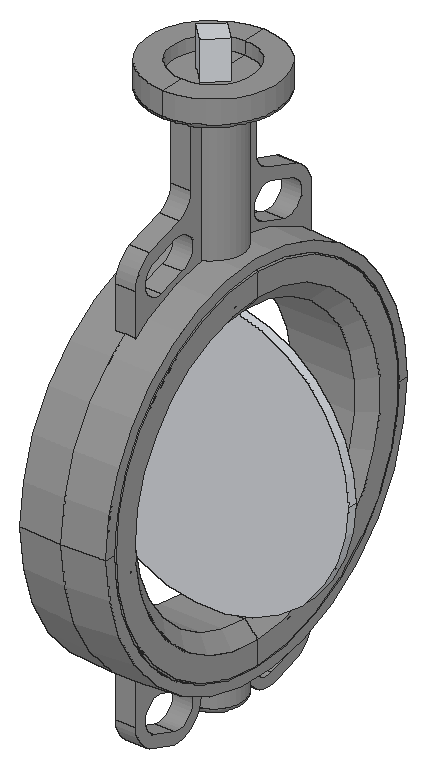
Revit family "Запорно-регулирующая заслонка ZF-4219", category Rohrzubehör, Revit 2019
Family settings
  Bemaßung runder Anschluss = Durchmesser verwenden
  Teiletyp = Unterbricht
  Arbeitsebenenbasiert = Nein
  Immer vertikal = Ja
  Beim Laden mit Abzugskörper schneiden = Nein
  Gemeinsam genutzt = Nein
Parameters
  Шпиндель = "Нержавеющая сталь ASTM-A276 / Type 316"  # constant formula
  Фланцевое соединение = "В соответствии с EN1092-2"  # constant formula
  Уплотнение корпуса = "EPDM в соответствии с ISO 1691"  # constant formula
  Среда = "Качество теплоносителя в соответствии с ÖNORM H5195 и/или предписаниями VDI 2035.\r\nРазрешается использование смеси этилен или пропиленгликоля в соотношении 25-50% с водой."
  Область применения = "Применяются в системах тепло- и холодоснабжения."
  Номер заказа [instance] = size_lookup("4219_ZF", "Artnr", 1421901, Nennweite)  # 1421927
  Макс. рабочая температура = 110 °C  # constant formula
  Крутящий момент в Нм [instance] = size_lookup("4219_ZF", "NM", 350, Nennweite)  # 150
  Корпус = "Чугун GG, GJS-250/JL1040, в соответствии с EN1561"  # constant formula
  Диск = "Нержавеющая сталь 1.4408"  # constant formula
  Вес [instance] = size_lookup("4219_ZF", "M", 37.6, Nennweite)  # 16.6
  URL = "www.herz-armaturen.ru"
  Болты PN16 [instance] = if(Nennweite = 50 mm, "4x M16x100", if(Nennweite = 65 mm, "4x M16x100", if(Nennweite = 80 mm, "8x M16x100", if(Nennweite = 100 mm, "8x M16x110", if(Nennweite = 125 mm, "8x M16x120", if(Nennweite = 150 mm, "8x M20x120", if(Nennweite = 200 mm, "12x M20x130", if(Nennweite = 250 mm, "12x M24x140", "12x M24x160"))))))))  # "12x M20x130"
  Болты PN 6 [instance] = if(Nennweite = 50 mm, "4x M12x100", if(Nennweite = 65 mm, "4x M12x100", if(Nennweite = 80 mm, "4x M16x100", if(Nennweite = 100 mm, "4x M16x100", if(Nennweite = 125 mm, "8x M16x110", if(Nennweite = 150 mm, "8x M16x110", if(Nennweite = 200 mm, "--", if(Nennweite = 250 mm, "12x M16x130", "12xM16x140"))))))))  # "--"
  Болты PN10 [instance] = if(Nennweite = 50 mm, "4x M16x100", if(Nennweite = 65 mm, "4x M16x100", if(Nennweite = 80 mm, "4x M16x100", if(Nennweite = 100 mm, "4x M16x110", if(Nennweite = 125 mm, "8x M16x120", if(Nennweite = 150 mm, "8x M20x120", if(Nennweite = 200 mm, "8x M20x130", if(Nennweite = 250 mm, "12x M20x130", "12x M20x150"))))))))  # "8x M20x130"
  SCTWSEQ = "FW;SBT_TYP_FW=\"101\";2"
  SCTWCODE = "04;07;02"  # constant formula
  SCRNSEQ = "ARM;ARM_TYP=\"ALLF\";2"
  SCRNCODE = "05;13;02"  # constant formula
  R_Dichtung = 1.5 mm  # constant formula
  PN16 [instance] = or(Nennweite = 50 mm, Nennweite = 65 mm, Nennweite = 80 mm, Nennweite = 100 mm, Nennweite = 125 mm, Nennweite = 150 mm, Nennweite = 200 mm, Nennweite = 250 mm, Nennweite = 300 mm)  # yes
  PN10 [instance] = or(Nennweite = 50 mm, Nennweite = 65 mm, Nennweite = 80 mm, Nennweite = 100 mm, Nennweite = 125 mm, Nennweite = 150 mm, Nennweite = 200 mm, Nennweite = 250 mm, Nennweite = 300 mm)  # yes
  PN 6 [instance] = or(Nennweite = 50 mm, Nennweite = 65 mm, Nennweite = 80 mm, Nennweite = 100 mm, Nennweite = 125 mm, Nennweite = 150 mm, Nennweite = 250 mm, Nennweite = 300 mm)  # no
  PN = 16  # constant formula
  O-Ring = "EPDM в соответствии с ISO 1691"  # constant formula
  Nennweite [instance] = 200 mm
  Мин. рабочая температура = "-20.00 °C при соответствующей водно-гликолевой смеси"  # constant formula
  LO1 [instance] = R05 + 10 mm  # 141 mm
  L16 [instance] = L01 - L13  # 236 mm
  L15 [instance] = L01 + L12  # 263 mm
  L14 [instance] = size_lookup("4219_ZF", "L_14", 44.4 mm, Nennweite)  # 61.5 mm
  L13 [instance] = size_lookup("4219_ZF", "L_13", 15 mm, Nennweite)  # 9 mm
  L12 [instance] = size_lookup("4219_ZF", "L_12", 15 mm, Nennweite)  # 18 mm
  L11 [instance] = size_lookup("4219_ZF", "L_11", 15 mm, Nennweite)  # 20 mm
  L10 [instance] = size_lookup("4219_ZF", "L_10", 16 mm, Nennweite)  # 16 mm
  L09 [instance] = size_lookup("4219_ZF", "L9", 29 mm, Nennweite)  # 44 mm
  L08 [instance] = size_lookup("4219_ZF", "L8", 43 mm, Nennweite)  # 60 mm
  L07 [instance] = size_lookup("4219_ZF", "L7", 3.5 mm, Nennweite)  # 4.5 mm
  L06 [instance] = size_lookup("4219_ZF", "L6", 18 mm, Nennweite)  # 32 mm
  L05 [instance] = size_lookup("4219_ZF", "L5", 35 mm, Nennweite)  # 50 mm
  L04 [instance] = size_lookup("4219_ZF", "L4", 35 mm, Nennweite)  # 17.5 mm
  L03 [instance] = size_lookup("4219_ZF", "L3", 35 mm, Nennweite)  # 152.5 mm
  L02 [instance] = size_lookup("4219_ZF", "L2", 35 mm, Nennweite)  # 109 mm
  L01 [instance] = size_lookup("4219_ZF", "L1", 35 mm, Nennweite)  # 245 mm
  Hersteller = "HERZ Armaturen Ges.m.b.H."  # constant formula
  H [instance] = size_lookup("4219_ZF", "H1", 9 mm, Nennweite)  # 17 mm
  DN300 [instance] = Nennweite = 300 mm  # no
  DN250 [instance] = Nennweite = 250 mm  # no
  DN200 [instance] = Nennweite = 200 mm  # yes
  DN150 [instance] = Nennweite = 150 mm  # no
  DN125 [instance] = Nennweite = 125 mm  # no
  DN100 [instance] = Nennweite = 100 mm  # no
  DN 80 [instance] = Nennweite = 80 mm  # no
  DN 65 [instance] = Nennweite = 65 mm  # no
  DN 50 [instance] = Nennweite = 50 mm  # no
  BD [instance] = size_lookup("4219_ZF", "DB", 24 mm, Nennweite)  # 193.6 mm
  D09 [instance] = size_lookup("4219_ZF", "D9", 24 mm, Nennweite)  # 96.5 mm
  D08 [instance] = size_lookup("4219_ZF", "D8", 47 mm, Nennweite)  # 14 mm
  D07 [instance] = size_lookup("4219_ZF", "D7", 47 mm, Nennweite)  # 27.5 mm
  D06 [instance] = size_lookup("4219_ZF", "D6", 47 mm, Nennweite)  # 44 mm
  R05 [instance] = size_lookup("4219_ZF", "D5", 47 mm, Nennweite)  # 131 mm
  D05 [instance] = R05 * 2  # 262 mm
  D04 [instance] = size_lookup("4219_ZF", "D4", 41 mm, Nennweite)  # 124 mm
  D03 [instance] = size_lookup("4219_ZF", "D3", 35.5 mm, Nennweite)  # 116.5 mm
  R01 [instance] = size_lookup("4219_ZF", "D1", 28 mm, Nennweite)  # 103.5 mm
  R02 [instance] = size_lookup("4219_ZF", "D2", 30 mm, Nennweite)  # 105.5 mm
Reference planes
  plane 1 "Mitte (Vorne/hinten)": y = 0
  plane 2: z = 0
  plane 3 "Mitte (Links/rechts)": x = 0
Forms (mm)
  Revolve 1, solid, material "Herz-Metall-blau", detail levels fine
    sketch origin (0, 0, 0) x (1, 0, 0) y (0, 1, 0)
      loop
        line (0, 132.724) -> (-30, 131) -> (-30, 124) -> (-22, 124) -> (-22, 116.5) -> (-23.5, 116.5)
        arc (-23.5, 116.5) -> (-24.561, 116.061) -> (-25, 115) r 1.5
        line (-25, 115) -> (-25, 105.824)
        arc (-25, 105.824) -> (-24.729, 104.964) -> (-24.013, 104.415) r 1.5
        line (-24.013, 104.415) -> (-20.5, 103.5) -> (-16, 103.5) -> (-16, 105.5) -> (16, 105.5) -> (16, 103.5) -> (20.5, 103.5) -> (24.013, 104.415)
        arc (24.013, 104.415) -> (24.729, 104.964) -> (25, 105.824) r 1.5
        line (25, 105.824) -> (25, 115)
        arc (25, 115) -> (24.561, 116.061) -> (23.5, 116.5) r 1.5
        line (23.5, 116.5) -> (22, 116.5) -> (22, 124) -> (30, 124) -> (30, 131) -> (0, 132.724)
      axis (30, 0) -> (-30, 0)
    angle from 0 to 360
  Extrusion 2, solid, material "Herz-Metall-blau", visible <- "DN 50", detail levels fine
    sketch origin (0, 0, 0) x (0, 1, 0) y (0, 0, 1)
      loop
        line (20, 54.051) -> (20.008, 111.113) -> (16.897, 110.952)
        arc (16.897, 110.952) -> (15.55, 110.331) -> (15, 108.954) r 2
        line (15, 108.954) -> (15, 44.542)
        arc (15, 44.542) -> (31.465, 34.913) -> (42.748, 19.534) r 47
        arc (42.748, 19.534) -> (42.633, 20.873) -> (43.392, 21.983) r 2
        line (43.392, 21.983) -> (54.714, 30.209)
        arc (54.714, 30.209) -> (56.569, 56.569) -> (30.209, 54.714) r 17.5
        line (30.209, 54.714) -> (27.87, 51.494)
        arc (27.87, 51.494) -> (23.006, 49.914) -> (20, 54.051) r 4.35
      loop
        arc (32.065, 41.998) -> (33.588, 33.588) -> (41.998, 32.065) r 7.5
        line (41.998, 32.065) -> (48.502, 35.17)
        arc (48.502, 35.17) -> (51.265, 51.265) -> (35.17, 48.502) r 10
        line (35.17, 48.502) -> (32.065, 41.998)
      loop
        arc (-20, 54.051) -> (-23.006, 49.914) -> (-27.87, 51.494) r 4.35
        line (-27.87, 51.494) -> (-30.209, 54.714)
        arc (-30.209, 54.714) -> (-56.569, 56.569) -> (-54.714, 30.209) r 17.5
        line (-54.714, 30.209) -> (-43.392, 21.983)
        arc (-43.392, 21.983) -> (-42.633, 20.873) -> (-42.748, 19.534) r 2
        arc (-42.748, 19.534) -> (-31.465, 34.913) -> (-15, 44.542) r 47
        line (-15, 44.542) -> (-15, 108.954)
        arc (-15, 108.954) -> (-15.55, 110.331) -> (-16.897, 110.952) r 2
        line (-16.897, 110.952) -> (-20.008, 111.113) -> (-20, 54.051)
      loop
        line (-32.065, 41.998) -> (-35.17, 48.502)
        arc (-35.17, 48.502) -> (-51.265, 51.265) -> (-48.502, 35.17) r 10
        line (-48.502, 35.17) -> (-41.998, 32.065)
        arc (-41.998, 32.065) -> (-33.588, 33.588) -> (-32.065, 41.998) r 7.5
      loop
        line (32.065, -41.998) -> (35.17, -48.502)
        arc (35.17, -48.502) -> (51.265, -51.265) -> (48.502, -35.17) r 10
        line (48.502, -35.17) -> (41.998, -32.065)
        arc (41.998, -32.065) -> (33.588, -33.588) -> (32.065, -41.998) r 7.5
      loop
        line (54.714, -30.209) -> (43.392, -21.983)
        arc (43.392, -21.983) -> (42.633, -20.873) -> (42.748, -19.534) r 2
        arc (42.748, -19.534) -> (33.234, -33.234) -> (19.534, -42.748) r 47
        arc (19.534, -42.748) -> (20.873, -42.633) -> (21.983, -43.392) r 2
        line (21.983, -43.392) -> (30.209, -54.714)
        arc (30.209, -54.714) -> (56.569, -56.569) -> (54.714, -30.209) r 17.5
      loop
        arc (-32.065, -41.998) -> (-33.588, -33.588) -> (-41.998, -32.065) r 7.5
        line (-41.998, -32.065) -> (-48.502, -35.17)
        arc (-48.502, -35.17) -> (-51.265, -51.265) -> (-35.17, -48.502) r 10
        line (-35.17, -48.502) -> (-32.065, -41.998)
      loop
        arc (-54.714, -30.209) -> (-56.569, -56.569) -> (-30.209, -54.714) r 17.5
        line (-30.209, -54.714) -> (-21.983, -43.392)
        arc (-21.983, -43.392) -> (-20.873, -42.633) -> (-19.534, -42.748) r 2
        arc (-19.534, -42.748) -> (-33.234, -33.234) -> (-42.748, -19.534) r 47
        arc (-42.748, -19.534) -> (-42.633, -20.873) -> (-43.392, -21.983) r 2
        line (-43.392, -21.983) -> (-54.714, -30.209)
    from -4.5 to 4.5
  Extrusion 3, solid, material "Herz-Metall-blau", visible <- "DN 65", detail levels fine
    sketch origin (0, 0, 0) x (0, 1, 0) y (0, 0, 1)
      loop
        arc (51.659, 21.619) -> (51.541, 22.778) -> (52.089, 23.805) r 2
        line (52.089, 23.805) -> (65.407, 37.123)
        arc (65.407, 37.123) -> (65.407, 65.407) -> (37.123, 65.407) r 20
        line (37.123, 65.407) -> (29.414, 57.699)
        arc (29.414, 57.699) -> (27.235, 57.265) -> (26, 59.113) r 2
        line (26, 59.113) -> (26, 136.154) -> (19.897, 135.838)
        arc (19.897, 135.838) -> (18.55, 135.218) -> (18, 133.841) r 2
        line (18, 133.841) -> (18, 53.028)
        arc (18, 53.028) -> (38.206, 40.942) -> (51.659, 21.619) r 56
      loop
        arc (55.637, 42.831) -> (57.983, 57.983) -> (42.831, 55.637) r 9.5
        line (42.831, 55.637) -> (39.647, 48.983)
        arc (39.647, 48.983) -> (41.012, 41.012) -> (48.983, 39.647) r 7
        line (48.983, 39.647) -> (55.637, 42.831)
      loop
        arc (51.659, -21.619) -> (39.598, -39.598) -> (21.619, -51.659) r 56
        arc (21.619, -51.659) -> (22.778, -51.541) -> (23.805, -52.089) r 2
        line (23.805, -52.089) -> (37.123, -65.407)
        arc (37.123, -65.407) -> (65.407, -65.407) -> (65.407, -37.123) r 20
        line (65.407, -37.123) -> (52.089, -23.805)
        arc (52.089, -23.805) -> (51.541, -22.778) -> (51.659, -21.619) r 2
      loop
        line (55.637, -42.831) -> (48.983, -39.647)
        arc (48.983, -39.647) -> (41.012, -41.012) -> (39.647, -48.983) r 7
        line (39.647, -48.983) -> (42.831, -55.637)
        arc (42.831, -55.637) -> (57.983, -57.983) -> (55.637, -42.831) r 9.5
      loop
        arc (-51.659, -21.619) -> (-51.541, -22.778) -> (-52.089, -23.805) r 2
        line (-52.089, -23.805) -> (-65.407, -37.123)
        arc (-65.407, -37.123) -> (-65.407, -65.407) -> (-37.123, -65.407) r 20
        line (-37.123, -65.407) -> (-23.805, -52.089)
        arc (-23.805, -52.089) -> (-22.778, -51.541) -> (-21.619, -51.659) r 2
        arc (-21.619, -51.659) -> (-39.598, -39.598) -> (-51.659, -21.619) r 56
      loop
        arc (-55.637, -42.831) -> (-57.983, -57.983) -> (-42.831, -55.637) r 9.5
        line (-42.831, -55.637) -> (-39.647, -48.983)
        arc (-39.647, -48.983) -> (-41.012, -41.012) -> (-48.983, -39.647) r 7
        line (-48.983, -39.647) -> (-55.637, -42.831)
      loop
        arc (-51.659, 21.619) -> (-38.206, 40.942) -> (-18, 53.028) r 56
        line (-18, 53.028) -> (-18, 133.838)
        arc (-18, 133.838) -> (-18.55, 135.215) -> (-19.897, 135.835) r 2
        line (-19.897, 135.835) -> (-26, 136.151) -> (-26, 59.113)
        arc (-26, 59.113) -> (-27.235, 57.265) -> (-29.414, 57.699) r 2
        line (-29.414, 57.699) -> (-37.123, 65.407)
        arc (-37.123, 65.407) -> (-65.407, 65.407) -> (-65.407, 37.123) r 20
        line (-65.407, 37.123) -> (-52.089, 23.805)
        arc (-52.089, 23.805) -> (-51.541, 22.778) -> (-51.659, 21.619) r 2
      loop
        line (-55.637, 42.831) -> (-48.983, 39.647)
        arc (-48.983, 39.647) -> (-41.012, 41.012) -> (-39.647, 48.983) r 7
        line (-39.647, 48.983) -> (-42.831, 55.637)
        arc (-42.831, 55.637) -> (-57.983, 57.983) -> (-55.637, 42.831) r 9.5
    from -4.5 to 4.5
  Extrusion 4, solid, material "Herz-Metall-blau", visible <- "DN 80", detail levels fine
    sketch origin (0, 0, 0) x (0, 1, 0) y (0, 0, 1)
      loop
        line (26, 143.161) -> (20.397, 142.871)
        arc (20.397, 142.871) -> (19.05, 142.251) -> (18.5, 140.874) r 2
        line (18.5, 140.874) -> (18.5, 62.833)
        arc (18.5, 62.833) -> (41.296, 50.842) -> (57.706, 30.989) r 65.5
        arc (57.706, 30.989) -> (57.482, 32.176) -> (57.983, 33.275) r 2
        line (57.983, 33.275) -> (67.23, 43.52)
        arc (67.23, 43.52) -> (70.328, 54.798) -> (65.407, 65.407) r 17
        line (65.407, 65.407) -> (42.005, 86.53)
        arc (42.005, 86.53) -> (37.832, 89.302) -> (33.031, 90.738) r 17
        arc (33.031, 90.738) -> (27.974, 93.895) -> (26, 99.52) r 9
        line (26, 99.52) -> (26, 143.161)
      loop
        circle (30.615, 73.91) r 9.5
      loop
        circle (53.387, 53.387) r 9.5
      loop
        arc (57.706, -30.989) -> (41.296, -50.842) -> (18.5, -62.833) r 65.5
        line (18.5, -62.833) -> (18.5, -85.837)
        arc (18.5, -85.837) -> (30.113, -90.903) -> (42.005, -86.53) r 17
        line (42.005, -86.53) -> (65.407, -65.407)
        arc (65.407, -65.407) -> (70.328, -54.798) -> (67.23, -43.52) r 17
        line (67.23, -43.52) -> (57.983, -33.275)
        arc (57.983, -33.275) -> (57.482, -32.176) -> (57.706, -30.989) r 2
      loop
        circle (30.615, -73.91) r 9.5
      loop
        circle (53.387, -53.387) r 9.5
      loop
        arc (-57.706, -30.989) -> (-57.482, -32.176) -> (-57.983, -33.275) r 2
        line (-57.983, -33.275) -> (-67.23, -43.52)
        arc (-67.23, -43.52) -> (-70.328, -54.798) -> (-65.407, -65.407) r 17
        line (-65.407, -65.407) -> (-42.005, -86.53)
        arc (-42.005, -86.53) -> (-30.113, -90.903) -> (-18.5, -85.837) r 17
        line (-18.5, -85.837) -> (-18.5, -62.833)
        arc (-18.5, -62.833) -> (-41.296, -50.842) -> (-57.706, -30.989) r 65.5
      loop
        circle (-30.615, -73.91) r 9.5
      loop
        circle (-53.387, -53.387) r 9.5
      loop
        line (-26, 143.179) -> (-26, 99.52)
        arc (-26, 99.52) -> (-27.974, 93.895) -> (-33.031, 90.738) r 9
        arc (-33.031, 90.738) -> (-37.832, 89.302) -> (-42.005, 86.53) r 17
        line (-42.005, 86.53) -> (-65.407, 65.407)
        arc (-65.407, 65.407) -> (-70.328, 54.798) -> (-67.23, 43.52) r 17
        line (-67.23, 43.52) -> (-57.983, 33.275)
        arc (-57.983, 33.275) -> (-57.482, 32.176) -> (-57.706, 30.989) r 2
        arc (-57.706, 30.989) -> (-41.296, 50.842) -> (-18.5, 62.833) r 65.5
        line (-18.5, 62.833) -> (-18.5, 140.891)
        arc (-18.5, 140.891) -> (-19.05, 142.268) -> (-20.397, 142.888) r 2
        line (-20.397, 142.888) -> (-26, 143.179)
      loop
        circle (-30.615, 73.91) r 9.5
      loop
        circle (-53.387, 53.387) r 9.5
    from -4.5 to 4.5
  Extrusion 5, solid, material "Herz-Metall-blau", visible <- "DN100", detail levels fine
    sketch origin (0, 0, 0) x (0, 1, 0) y (0, 0, 1)
      loop
        line (64.131, 38.887) -> (73.681, 49.873)
        arc (73.681, 49.873) -> (77.063, 61.29) -> (72.125, 72.125) r 17
        line (72.125, 72.125) -> (45.809, 95.79)
        arc (45.809, 95.79) -> (41.366, 98.675) -> (36.25, 100.053) r 17
        arc (36.25, 100.053) -> (28.882, 104.596) -> (26, 112.759) r 13
        line (26, 112.759) -> (26, 166.173) -> (20.397, 165.883)
        arc (20.397, 165.883) -> (19.05, 165.263) -> (18.5, 163.886) r 2
        line (18.5, 163.886) -> (18.5, 72.683)
        arc (18.5, 72.683) -> (44.637, 60.27) -> (64.131, 38.887) r 75
      loop
        circle (60.104, 60.104) r 9.5
      loop
        circle (34.442, 83.149) r 9.5
      loop
        arc (64.131, -38.887) -> (44.637, -60.27) -> (18.5, -72.683) r 75
        line (18.5, -72.683) -> (18.5, -95.329)
        arc (18.5, -95.329) -> (21.473, -95.603) -> (24.233, -96.743) r 10
        arc (24.233, -96.743) -> (35.191, -100.133) -> (45.809, -95.79) r 17
        line (45.809, -95.79) -> (72.125, -72.125)
        arc (72.125, -72.125) -> (77.063, -61.29) -> (73.681, -49.873) r 17
        line (73.681, -49.873) -> (64.131, -38.887)
      loop
        circle (60.104, -60.104) r 9.5
      loop
        circle (34.442, -83.149) r 9.5
      loop
        line (-64.131, -38.887) -> (-73.681, -49.873)
        arc (-73.681, -49.873) -> (-77.063, -61.29) -> (-72.125, -72.125) r 17
        line (-72.125, -72.125) -> (-45.809, -95.79)
        arc (-45.809, -95.79) -> (-35.191, -100.133) -> (-24.233, -96.743) r 17
        arc (-24.233, -96.743) -> (-21.473, -95.603) -> (-18.5, -95.329) r 10
        line (-18.5, -95.329) -> (-18.5, -72.683)
        arc (-18.5, -72.683) -> (-44.637, -60.27) -> (-64.131, -38.887) r 75
      loop
        circle (-60.104, -60.104) r 9.5
      loop
        circle (-34.442, -83.149) r 9.5
      loop
        arc (-64.131, 38.887) -> (-44.637, 60.27) -> (-18.5, 72.683) r 75
        line (-18.5, 72.683) -> (-18.5, 163.876)
        arc (-18.5, 163.876) -> (-19.05, 165.253) -> (-20.397, 165.873) r 2
        line (-20.397, 165.873) -> (-26, 166.164) -> (-26, 112.759)
        arc (-26, 112.759) -> (-28.882, 104.596) -> (-36.25, 100.053) r 13
        arc (-36.25, 100.053) -> (-41.366, 98.675) -> (-45.809, 95.79) r 17
        line (-45.809, 95.79) -> (-72.125, 72.125)
        arc (-72.125, 72.125) -> (-77.063, 61.29) -> (-73.681, 49.873) r 17
        line (-73.681, 49.873) -> (-64.131, 38.887)
      loop
        circle (-60.104, 60.104) r 9.5
      loop
        circle (-34.442, 83.149) r 9.5
    from -4.5 to 4.5
  Extrusion 6, solid, material "Herz-Metall-blau", visible <- "DN125", detail levels fine
    sketch origin (0, 0, 0) x (0, 1, 0) y (0, 0, 1)
      loop
        arc (75.229, 48.945) -> (74.917, 50.244) -> (75.492, 51.45) r 2
        line (75.492, 51.45) -> (82.731, 58.69)
        arc (82.731, 58.69) -> (87.711, 70.711) -> (82.731, 82.731) r 17
        line (82.731, 82.731) -> (51.291, 109.875)
        arc (51.291, 109.875) -> (46.108, 112.941) -> (40.182, 114.007) r 17
        line (40.182, 114.007) -> (38, 114.007)
        arc (38, 114.007) -> (29.515, 117.522) -> (26, 126.007) r 12
        line (26, 126.007) -> (26, 185.157) -> (20.397, 184.867)
        arc (20.397, 184.867) -> (19.05, 184.246) -> (18.5, 182.869) r 2
        line (18.5, 182.869) -> (18.5, 87.823)
        arc (18.5, 87.823) -> (50.736, 74.033) -> (75.229, 48.945) r 89.75
      loop
        circle (40.182, 97.007) r 9.5
      loop
        circle (70.711, 70.711) r 9.5
      loop
        arc (75.229, -48.945) -> (50.736, -74.033) -> (18.5, -87.823) r 89.75
        line (18.5, -87.823) -> (18.5, -108.431)
        arc (18.5, -108.431) -> (24.248, -107.655) -> (29.46, -110.2) r 10
        arc (29.46, -110.2) -> (40.434, -114.005) -> (51.291, -109.875) r 17
        line (51.291, -109.875) -> (82.731, -82.731)
        arc (82.731, -82.731) -> (87.711, -70.711) -> (82.731, -58.69) r 17
        line (82.731, -58.69) -> (75.492, -51.45)
        arc (75.492, -51.45) -> (74.917, -50.244) -> (75.229, -48.945) r 2
      loop
        circle (40.182, -97.007) r 9.5
      loop
        circle (70.711, -70.711) r 9.5
      loop
        arc (-75.229, -48.945) -> (-74.917, -50.244) -> (-75.492, -51.45) r 2
        line (-75.492, -51.45) -> (-82.731, -58.69)
        arc (-82.731, -58.69) -> (-87.711, -70.711) -> (-82.731, -82.731) r 17
        line (-82.731, -82.731) -> (-51.291, -109.875)
        arc (-51.291, -109.875) -> (-40.434, -114.005) -> (-29.46, -110.2) r 17
        arc (-29.46, -110.2) -> (-24.248, -107.655) -> (-18.5, -108.431) r 10
        line (-18.5, -108.431) -> (-18.5, -87.823)
        arc (-18.5, -87.823) -> (-50.736, -74.033) -> (-75.229, -48.945) r 89.75
      loop
        circle (-40.182, -97.007) r 9.5
      loop
        circle (-70.711, -70.711) r 9.5
      loop
        arc (-75.229, 48.945) -> (-50.736, 74.033) -> (-18.5, 87.823) r 89.75
        line (-18.5, 87.823) -> (-18.5, 182.852)
        arc (-18.5, 182.852) -> (-19.05, 184.23) -> (-20.397, 184.85) r 2
        line (-20.397, 184.85) -> (-26, 185.14) -> (-26, 126.007)
        arc (-26, 126.007) -> (-29.515, 117.522) -> (-38, 114.007) r 12
        line (-38, 114.007) -> (-40.182, 114.007)
        arc (-40.182, 114.007) -> (-46.108, 112.941) -> (-51.291, 109.875) r 17
        line (-51.291, 109.875) -> (-82.731, 82.731)
        arc (-82.731, 82.731) -> (-87.711, 70.711) -> (-82.731, 58.69) r 17
        line (-82.731, 58.69) -> (-75.492, 51.45)
        arc (-75.492, 51.45) -> (-74.917, 50.244) -> (-75.229, 48.945) r 2
      loop
        circle (-40.182, 97.007) r 9.5
      loop
        circle (-70.711, 70.711) r 9.5
    from -6 to 6
  Extrusion 7, solid, material "Herz-Metall-blau", visible <- "DN150", detail levels fine
    sketch origin (0, 0, 0) x (0, 1, 0) y (0, 0, 1)
      loop
        line (83.495, 59.454) -> (91.57, 67.529)
        arc (91.57, 67.529) -> (96.55, 79.55) -> (91.57, 91.57) r 17
        line (91.57, 91.57) -> (57.511, 123.304)
        arc (57.511, 123.304) -> (45.758, 127.865) -> (34.095, 123.077) r 17
        arc (34.095, 123.077) -> (28.976, 122.416) -> (26, 126.633) r 5
        line (26, 126.633) -> (26, 198.177) -> (20.397, 197.887)
        arc (20.397, 197.887) -> (19.05, 197.267) -> (18.5, 195.889) r 2
        line (18.5, 195.889) -> (18.5, 100.817)
        arc (18.5, 100.817) -> (55.032, 86.474) -> (83.495, 59.454) r 102.5
      loop
        circle (45.922, 110.866) r 11.5
      loop
        circle (79.55, 79.55) r 9.5
      loop
        circle (45.922, -110.866) r 11.5
      loop
        circle (79.55, -79.55) r 9.5
      loop
        line (91.57, -67.529) -> (83.495, -59.454)
        arc (83.495, -59.454) -> (55.032, -86.474) -> (18.5, -100.817) r 102.5
        line (18.5, -100.817) -> (18.5, -123.208)
        arc (18.5, -123.208) -> (19.363, -121.755) -> (21.03, -121.482) r 2
        line (21.03, -121.482) -> (42.642, -127.546)
        arc (42.642, -127.546) -> (50.587, -127.213) -> (57.511, -123.304) r 17
        line (57.511, -123.304) -> (91.57, -91.57)
        arc (91.57, -91.57) -> (96.55, -79.55) -> (91.57, -67.529) r 17
      loop
        arc (-83.495, 59.454) -> (-55.032, 86.474) -> (-18.5, 100.817) r 102.5
        line (-18.5, 100.817) -> (-18.5, 195.875)
        arc (-18.5, 195.875) -> (-19.05, 197.252) -> (-20.397, 197.872) r 2
        line (-20.397, 197.872) -> (-26, 198.163) -> (-26, 126.633)
        arc (-26, 126.633) -> (-28.976, 122.416) -> (-34.095, 123.077) r 5
        arc (-34.095, 123.077) -> (-45.758, 127.865) -> (-57.511, 123.304) r 17
        line (-57.511, 123.304) -> (-91.57, 91.57)
        arc (-91.57, 91.57) -> (-96.55, 79.55) -> (-91.57, 67.529) r 17
        line (-91.57, 67.529) -> (-83.495, 59.454)
      loop
        circle (-45.922, 110.866) r 11.5
      loop
        circle (-79.55, 79.55) r 9.5
      loop
        circle (-45.922, -110.866) r 11.5
      loop
        circle (-79.55, -79.55) r 9.5
      loop
        arc (-91.57, -67.529) -> (-96.55, -79.55) -> (-91.57, -91.57) r 17
        line (-91.57, -91.57) -> (-57.511, -123.304)
        arc (-57.511, -123.304) -> (-50.587, -127.213) -> (-42.642, -127.546) r 17
        line (-42.642, -127.546) -> (-21.03, -121.482)
        arc (-21.03, -121.482) -> (-19.363, -121.755) -> (-18.5, -123.208) r 2
        line (-18.5, -123.208) -> (-18.5, -100.817)
        arc (-18.5, -100.817) -> (-55.032, -86.474) -> (-83.495, -59.454) r 102.5
        line (-83.495, -59.454) -> (-91.57, -67.529)
    from -7 to 7
  Extrusion 8, solid, material "Herz-Metall-blau", visible <- "DN200", detail levels fine
    sketch origin (0, 0, 0) x (0, 1, 0) y (0, 0, 1)
      loop
        arc (42.048, 153.832) -> (26.654, 145.827) -> (35.349, 130.812) r 12
        line (35.349, 130.812) -> (53.31, 124.689)
        arc (53.31, 124.689) -> (67.804, 132.4) -> (61.038, 147.359) r 12
        line (61.038, 147.359) -> (42.048, 153.832)
      loop
        line (28, 226.273) -> (22.065, 226.047)
        arc (22.065, 226.047) -> (20.655, 225.469) -> (20, 224.092) r 2.114
        line (20, 224.092) -> (20, 129.471)
        arc (20, 129.471) -> (49.604, 121.273) -> (76.485, 106.406) r 130.989
        line (76.485, 106.406) -> (76.485, 136.265)
        arc (76.485, 136.265) -> (73.108, 147.391) -> (64.117, 154.764) r 20.019
        line (64.117, 154.764) -> (38.16, 163.592)
        arc (38.16, 163.592) -> (30.802, 169.06) -> (28, 177.79) r 15
        line (28, 177.79) -> (28, 226.273)
      loop
        line (42.048, -153.832) -> (61.038, -147.359)
        arc (61.038, -147.359) -> (67.804, -132.4) -> (53.31, -124.689) r 12
        line (53.31, -124.689) -> (35.349, -130.812)
        arc (35.349, -130.812) -> (26.654, -145.827) -> (42.048, -153.832) r 12
      loop
        arc (76.446, -106.382) -> (49.585, -121.253) -> (20, -129.464) r 131
        line (20, -129.464) -> (20, -141.835)
        arc (20, -141.835) -> (28.361, -158.099) -> (46.453, -160.765) r 20
        line (46.453, -160.765) -> (64.099, -154.75)
        arc (64.099, -154.75) -> (73.075, -147.384) -> (76.446, -136.272) r 20
        line (76.446, -136.272) -> (76.446, -106.382)
      loop
        arc (-42.048, -153.832) -> (-26.654, -145.827) -> (-35.349, -130.812) r 12
        line (-35.349, -130.812) -> (-53.31, -124.689)
        arc (-53.31, -124.689) -> (-67.804, -132.4) -> (-61.038, -147.359) r 12
        line (-61.038, -147.359) -> (-42.048, -153.832)
      loop
        line (-76.446, -106.382) -> (-76.446, -136.272)
        arc (-76.446, -136.272) -> (-73.075, -147.384) -> (-64.099, -154.75) r 20
        line (-64.099, -154.75) -> (-46.453, -160.765)
        arc (-46.453, -160.765) -> (-28.361, -158.099) -> (-20, -141.835) r 20
        line (-20, -141.835) -> (-20, -129.464)
        arc (-20, -129.464) -> (-49.585, -121.253) -> (-76.446, -106.382) r 131
      loop
        line (-42.048, 153.832) -> (-61.038, 147.359)
        arc (-61.038, 147.359) -> (-67.804, 132.4) -> (-53.31, 124.689) r 12
        line (-53.31, 124.689) -> (-35.349, 130.812)
        arc (-35.349, 130.812) -> (-26.654, 145.827) -> (-42.048, 153.832) r 12
      loop
        line (-28, 226.278) -> (-28, 177.79)
        arc (-28, 177.79) -> (-30.802, 169.06) -> (-38.16, 163.592) r 15
        line (-38.16, 163.592) -> (-64.117, 154.764)
        arc (-64.117, 154.764) -> (-73.108, 147.391) -> (-76.485, 136.265) r 20.019
        line (-76.485, 136.265) -> (-76.485, 106.406)
        arc (-76.485, 106.406) -> (-49.604, 121.273) -> (-20, 129.471) r 130.989
        line (-20, 129.471) -> (-20, 224.098)
        arc (-20, 224.098) -> (-20.655, 225.475) -> (-22.065, 226.053) r 2.114
        line (-22.065, 226.053) -> (-28, 226.278)
    from -7 to 7
  Extrusion 9, solid, material "Herz-Metall-blau", visible <- "DN250", detail levels fine
    sketch origin (0, 0, 0) x (0, 1, 0) y (0, 0, 1)
      loop
        arc (-95.9, 125.382) -> (-61.406, 145.382) -> (-23, 156.095) r 157.75
        line (-23, 156.095) -> (-23, 258.814)
        arc (-23, 258.814) -> (-23.588, 260.113) -> (-24.893, 260.69) r 2
        line (-24.893, 260.69) -> (-32, 261.058) -> (-32, 187.712)
        arc (-32, 187.712) -> (-33.507, 185.205) -> (-36.428, 185.359) r 2.84
        arc (-36.428, 185.359) -> (-43.951, 188.152) -> (-51.918, 187.184) r 17
        line (-51.918, 187.184) -> (-97.072, 155.872)
        arc (-97.072, 155.872) -> (-100.207, 149.167) -> (-100.195, 141.765) r 17
        line (-100.195, 141.765) -> (-95.9, 125.382)
      loop
        circle (-83.608, 145.492) r 9.5
      loop
        circle (-45.549, 171.269) r 14
      loop
        arc (96.192, -125.349) -> (61.575, -145.51) -> (23, -156.317) r 157.999
        line (23, -156.317) -> (23, -181.388) -> (27.217, -181.388)
        arc (27.217, -181.388) -> (30.142, -181.826) -> (32.812, -183.1) r 10
        line (32.812, -183.1) -> (36.428, -185.542)
        arc (36.428, -185.542) -> (44.468, -188.388) -> (52.878, -186.972) r 17
        line (52.878, -186.972) -> (97.463, -155.872)
        arc (97.463, -155.872) -> (100.598, -149.167) -> (100.586, -141.765) r 17
        line (100.586, -141.765) -> (96.192, -125.349)
      loop
        circle (84, -145.492) r 9.5
      loop
        circle (45.94, -171.452) r 14
      loop
        line (-96.192, -125.349) -> (-100.586, -141.765)
        arc (-100.586, -141.765) -> (-100.598, -149.167) -> (-97.463, -155.872) r 17
        line (-97.463, -155.872) -> (-52.878, -186.972)
        arc (-52.878, -186.972) -> (-44.468, -188.388) -> (-36.428, -185.542) r 17
        line (-36.428, -185.542) -> (-32.812, -183.1)
        arc (-32.812, -183.1) -> (-30.142, -181.826) -> (-27.217, -181.388) r 10
        line (-27.217, -181.388) -> (-23, -181.388) -> (-23, -156.317)
        arc (-23, -156.317) -> (-61.575, -145.51) -> (-96.192, -125.349) r 157.999
      loop
        circle (-84, -145.492) r 9.5
      loop
        circle (-45.94, -171.452) r 14
      loop
        line (95.9, 125.2) -> (100.195, 141.582)
        arc (100.195, 141.582) -> (100.207, 148.984) -> (97.072, 155.689) r 17
        line (97.072, 155.689) -> (51.919, 187.036)
        arc (51.919, 187.036) -> (43.952, 188.006) -> (36.428, 185.212) r 17
        arc (36.428, 185.212) -> (33.507, 185.058) -> (32, 187.566) r 2.84
        line (32, 187.566) -> (32, 261.045) -> (24.893, 260.677)
        arc (24.893, 260.677) -> (23.588, 260.1) -> (23, 258.801) r 2
        line (23, 258.801) -> (23, 155.948)
        arc (23, 155.948) -> (61.411, 145.223) -> (95.9, 125.2) r 157.605
      loop
        circle (83.608, 145.31) r 9.5
      loop
        circle (45.549, 171.122) r 14
    from -9 to 9
  Extrusion 10, solid, material "Herz-Metall-blau", visible <- "DN300", detail levels fine
    sketch origin (0, 0, 0) x (0, 1, 0) y (0, 0, 1)
      loop
        arc (62.57, 187.834) -> (56.268, 211.23) -> (39.112, 194.12) r 14
        line (39.112, 194.12) -> (40.223, 189.928)
        arc (40.223, 189.928) -> (48.374, 181.769) -> (59.504, 184.767) r 11.5
        line (59.504, 184.767) -> (62.57, 187.834)
      loop
        circle (98.337, 170.892) r 12
      loop
        arc (113.094, 162.454) -> (114.748, 175.326) -> (106.837, 185.615) r 17
        line (106.837, 185.615) -> (61.701, 211.919)
        arc (61.701, 211.919) -> (54.44, 214.463) -> (46.806, 213.516) r 16.852
        arc (46.806, 213.516) -> (36.904, 213.681) -> (32, 222.285) r 10
        line (32, 222.285) -> (32, 286.38) -> (24.895, 286.033)
        arc (24.895, 286.033) -> (23.576, 285.442) -> (23, 284.117) r 2
        line (23, 284.117) -> (23, 181.202)
        arc (23, 181.202) -> (65.613, 170.505) -> (104.437, 149.94) r 182.63
        line (104.437, 149.94) -> (113.094, 162.454)
      loop
        line (62.984, -188.142) -> (59.917, -185.075)
        arc (59.917, -185.075) -> (48.787, -182.077) -> (40.637, -190.235) r 11.5
        line (40.637, -190.235) -> (39.525, -194.427)
        arc (39.525, -194.427) -> (56.681, -211.538) -> (62.984, -188.142) r 14
      loop
        circle (98.75, -171.04) r 12
      loop
        line (113.508, -162.601) -> (104.75, -150.055)
        arc (104.75, -150.055) -> (65.787, -170.766) -> (23, -181.549) r 183
        line (23, -181.549) -> (23, -206.327)
        arc (23, -206.327) -> (24.157, -204.218) -> (26.558, -204.062) r 2.5
        line (26.558, -204.062) -> (45.918, -213.443)
        arc (45.918, -213.443) -> (53.906, -214.994) -> (61.701, -212.654) r 17
        line (61.701, -212.654) -> (107.25, -185.762)
        arc (107.25, -185.762) -> (115.162, -175.474) -> (113.508, -162.601) r 17
      loop
        arc (-62.984, -188.142) -> (-56.681, -211.538) -> (-39.525, -194.427) r 14
        line (-39.525, -194.427) -> (-40.637, -190.235)
        arc (-40.637, -190.235) -> (-48.787, -182.077) -> (-59.917, -185.075) r 11.5
        line (-59.917, -185.075) -> (-62.984, -188.142)
      loop
        circle (-98.75, -171.04) r 12
      loop
        arc (-113.508, -162.601) -> (-115.162, -175.474) -> (-107.25, -185.762) r 17
        line (-107.25, -185.762) -> (-61.701, -212.654)
        arc (-61.701, -212.654) -> (-53.906, -214.994) -> (-45.918, -213.443) r 17
        line (-45.918, -213.443) -> (-26.558, -204.062)
        arc (-26.558, -204.062) -> (-24.157, -204.218) -> (-23, -206.327) r 2.5
        line (-23, -206.327) -> (-23, -181.549)
        arc (-23, -181.549) -> (-65.787, -170.766) -> (-104.75, -150.055) r 183
        line (-104.75, -150.055) -> (-113.508, -162.601)
      loop
        line (-62.574, 188.142) -> (-59.508, 185.075)
        arc (-59.508, 185.075) -> (-48.378, 182.077) -> (-40.227, 190.235) r 11.5
        line (-40.227, 190.235) -> (-39.116, 194.427)
        arc (-39.116, 194.427) -> (-56.272, 211.538) -> (-62.574, 188.142) r 14
      loop
        circle (-98.34, 171.04) r 12
      loop
        line (-113.098, 162.601) -> (-104.44, 150.087)
        arc (-104.44, 150.087) -> (-65.611, 170.637) -> (-23, 181.326) r 182.753
        line (-23, 181.326) -> (-23, 284.115)
        arc (-23, 284.115) -> (-23.577, 285.441) -> (-24.896, 286.032) r 2
        line (-24.896, 286.032) -> (-32, 286.379) -> (-32, 222.593)
        arc (-32, 222.593) -> (-37.217, 213.811) -> (-47.425, 214.193) r 10
        arc (-47.425, 214.193) -> (-54.523, 214.911) -> (-61.291, 212.654) r 17
        line (-61.291, 212.654) -> (-106.84, 185.762)
        arc (-106.84, 185.762) -> (-114.752, 175.474) -> (-113.098, 162.601) r 17
    from -9 to 9
  Revolve 11, solid, material "Herz-Metall-blau"
    sketch origin (0, 0, 0) x (0, 1, 0) y (0, 0, 1)
      loop
        line (0, -131) -> (0, -152.5) -> (17, -152.5)
        arc (17, -152.5) -> (19.121, -151.621) -> (20, -149.5) r 3
        line (20, -149.5) -> (20, -129.464)
        arc (20, -129.464) -> (10.029, -130.616) -> (0, -131) r 131
      axis (0, -129.464) -> (0, -152.5)
    angle from 0 to 360
  Revolve 12, solid, material "Herz-Metall-blau"
    sketch origin (0, 0, 0) x (0, 1, 0) y (0, 0, 1)
      loop
        line (0, 236) -> (0, 131)
        arc (0, 131) -> (10.029, 130.616) -> (20, 129.464) r 131
        line (20, 129.464) -> (20, 223.944)
        arc (20, 223.944) -> (20.549, 225.32) -> (21.895, 225.941) r 2
        line (21.895, 225.941) -> (42.105, 227)
        arc (42.105, 227) -> (43.451, 227.621) -> (44, 228.997) r 2
        line (44, 228.997) -> (44, 245) -> (27.5, 245) -> (27.5, 236) -> (0, 236)
      axis (0, 245) -> (0, 129.464)
    angle from 0 to 360
  Revolve 13, solid, material "Gummi"
    sketch origin (0, 0, 0) x (1, 0, 0) y (0, 0, 1)
      loop
        arc (-29.258, 124) -> (-30.313, 123.563) -> (-30.75, 122.508) r 1.492
        line (-30.75, 122.508) -> (-30.75, 105.718) -> (-22, 96.5) -> (22, 96.5) -> (30.75, 106.945) -> (30.75, 123)
        arc (30.75, 123) -> (30.457, 123.707) -> (29.75, 124) r 1
        line (29.75, 124) -> (22, 124) -> (22, 116.5) -> (23.5, 116.5)
        arc (23.5, 116.5) -> (24.561, 116.061) -> (25, 115) r 1.5
        line (25, 115) -> (25, 105.988)
        arc (25, 105.988) -> (24.622, 104.993) -> (23.68, 104.499) r 1.5
        line (23.68, 104.499) -> (20.5, 103.5) -> (16.527, 103.5) -> (16.527, 105.5) -> (-15.473, 105.5) -> (-15.473, 103.5) -> (-20.5, 103.5) -> (-23.68, 104.499)
        arc (-23.68, 104.499) -> (-24.622, 104.993) -> (-25, 105.988) r 1.5
        line (-25, 105.988) -> (-25, 115)
        arc (-25, 115) -> (-24.561, 116.061) -> (-23.5, 116.5) r 1.5
        line (-23.5, 116.5) -> (-22, 116.5) -> (-22, 124) -> (-29.258, 124)
      axis (-30.75, 0) -> (30.75, 0)
    angle from 0 to 360
  Extrusion 14, solid, detail levels fine
    sketch origin (0, 0, 0) x (1, 0, 0) y (0, 0, 1)
      loop
        circle (0, 0) r 96.8
    from -3 to 3
  Extrusion 15, solid, detail levels fine
    sketch origin (0, 0, 0) x (1, 0, 0) y (0, 1, 0)
      loop
        line (0, 12.021) -> (-12.021, 0) -> (0, -12.021) -> (12.021, 0) -> (0, 12.021)
    from 236 <- "L16" to 263 <- "L15"
Lines and regions (mm)
  model lines, detail levels coarse+medium
    curve 1: line (-30, 131, 0) -> (30, 131, 0)
    curve 2: line (-30, -131, 0) -> (-30, 131, 0)
    curve 3: line (30, -131, 0) -> (-30, -131, 0)
    curve 4: line (30, 131, 0) -> (30, -131, 0)
    curve 5: line (-30, 131, 0) -> (30, -131, 0)
    curve 6: circle (0, 0, 0) r 5 normal (0, 0, 1)
    curve 7: line (-30, 0, 131) -> (30, 0, 131)
    curve 8: line (-30, 0, -131) -> (-30, 0, 131)
    curve 9: line (30, 0, -131) -> (-30, 0, -131)
    curve 10: line (30, 0, 131) -> (30, 0, -131)
    curve 11: line (-30, 0, 131) -> (30, 0, -131)
    curve 12: circle (0, 0, 0) r 7 normal (0, -1, 0)
Dimensions and locks
  "L08": Revolve 1 sketch curve to Revolve 1 sketch curve
  equal spacing: Revolve 1 sketch curve, plane 3 "Mitte (Links/rechts)", Revolve 1 sketch curve  (x4)
  "L07": Revolve 1 sketch curve to Revolve 1 sketch curve  (x2)
  "L06": Revolve 1 sketch curve to Revolve 1 sketch curve
  "L05": Revolve 1 sketch curve to Revolve 1 sketch curve
  "L09": Revolve 1 sketch curve to Revolve 1 sketch curve
  "R05": plane 1 "Mitte (Vorne/hinten)" to Revolve 1 sketch curve  (x2)
  "D04": plane 1 "Mitte (Vorne/hinten)" to Revolve 1 sketch curve  (x2)
  "D03": plane 1 "Mitte (Vorne/hinten)" to Revolve 1 sketch curve  (x2)
  "R01": plane 1 "Mitte (Vorne/hinten)" to Revolve 1 sketch curve  (x2)
  "R02": plane 1 "Mitte (Vorne/hinten)" to Revolve 1 sketch curve
  equal spacing: curve 2, plane 3 "Mitte (Links/rechts)", curve 4
  equal spacing: curve 3, plane 1 "Mitte (Vorne/hinten)", curve 1
  "L08": curve 2 to curve 4
  "D05": curve 3 to curve 1
  equal spacing: curve 10, plane 3 "Mitte (Links/rechts)", curve 8
  equal spacing: curve 7, level, curve 9
  "D05": curve 7 to curve 9
  "L08": curve 8 to curve 10
  "L11": Revolve 11 sketch curve to plane 1 "Mitte (Vorne/hinten)"
  "L03": level to Revolve 11 sketch curve
  "R05": level to Revolve 11 sketch curve
  "R05": Revolve 12 sketch curve to curve 2
  "L11": Revolve 12 sketch curve to plane 1 "Mitte (Vorne/hinten)"
  "L01": Revolve 12 sketch curve to level
  "L12": Revolve 12 sketch curve to Revolve 12 sketch curve
  "L13": Revolve 12 sketch curve to Revolve 12 sketch curve
  "D07": Revolve 12 sketch curve to Revolve 12 sketch curve
  "D06": Revolve 12 sketch curve to Revolve 12 sketch curve
  Extrusion 10 sketch curve to plane 1 "Mitte (Vorne/hinten)" to Extrusion 10 sketch curve = 23 mm, 23 mm
  equal spacing: Extrusion 10 sketch curve, plane 1 "Mitte (Vorne/hinten)", Extrusion 10 sketch curve
  Extrusion 10 sketch curve to Extrusion 10 sketch curve = 64 mm
  Extrusion 9 sketch curve to plane 1 "Mitte (Vorne/hinten)" to Extrusion 9 sketch curve = 23 mm, 23 mm
  Extrusion 9 sketch curve to plane 1 "Mitte (Vorne/hinten)" to Extrusion 9 sketch curve = 32 mm, 32 mm
  Extrusion 8 sketch curve to Extrusion 8 sketch curve = 56 mm
  equal spacing: Extrusion 8 sketch curve, plane 1 "Mitte (Vorne/hinten)", Extrusion 8 sketch curve
  Extrusion 8 sketch curve to plane 1 "Mitte (Vorne/hinten)" to Extrusion 8 sketch curve = 20 mm, 20 mm
  equal spacing: Extrusion 7 sketch curve, plane 1 "Mitte (Vorne/hinten)", Extrusion 7 sketch curve
  Extrusion 7 sketch curve to Extrusion 7 sketch curve = 52 mm
  equal spacing: Extrusion 6 sketch curve, plane 1 "Mitte (Vorne/hinten)", Extrusion 6 sketch curve
  "R02": Revolve 13 sketch curve to curve 3
  "D04": Revolve 13 sketch curve to level  (x2)
  "L14": Revolve 13 sketch curve to Revolve 13 sketch curve
  "D09": Revolve 13 sketch curve to level
  "D03": Revolve 13 sketch curve to level  (x2)
  "R01": Revolve 13 sketch curve to level  (x2)
  "L09": Revolve 13 sketch curve to Revolve 13 sketch curve  (x2)
  "L06": Revolve 13 sketch curve to Revolve 13 sketch curve
  "L05": Revolve 13 sketch curve to Revolve 13 sketch curve
  equal spacing: Revolve 13 sketch curve, plane 3 "Mitte (Links/rechts)", Revolve 13 sketch curve  (x4)
  "L07": Revolve 13 sketch curve to Revolve 13 sketch curve  (x2)
  equal spacing: Extrusion 15 sketch curve, plane 3 "Mitte (Links/rechts)", Extrusion 15 sketch curve  (x2)
  "H": Extrusion 15 sketch curve to Extrusion 15 sketch curve  (x2)
  "L11": nested 1 to plane 3 "Mitte (Links/rechts)"
  "LO1": plane 2 to nested 1
  "R05": radius of Revolve 11 sketch curve
  "R05": radius of Revolve 12 sketch curve
  "R_Dichtung": radius of Revolve 13 sketch curve  (x4)
  "BD": diameter of Extrusion 14 sketch curve
  angle Revolve 1 sketch curve to Revolve 1 sketch curve = 93.2891°  (x2)
  angle Revolve 12 sketch curve to Revolve 12 sketch curve = 93.00°
  angle plane 3 "Mitte (Links/rechts)" to Extrusion 15 sketch curve = 45.00°
  angle Extrusion 15 sketch curve to plane 3 "Mitte (Links/rechts)" = 45.00°
  aligned and locked: level to plane 2
Automatic sketch dimensions
  Extrusion 2 sketch curve to Extrusion 2 sketch curve = 0 mm  (x28)
  Extrusion 2 sketch curve to level = 0 mm
  Extrusion 2 sketch curve to plane 1 "Mitte (Vorne/hinten)" = 0 mm
  plane 1 "Mitte (Vorne/hinten)" to Extrusion 2 sketch curve = 15 mm
  Extrusion 2 sketch curve to Extrusion 2 sketch curve = 1.897 mm  (x2)
  Extrusion 2 sketch curve to Extrusion 2 sketch curve = 0.103 mm  (x2)
  Extrusion 2 sketch curve to Extrusion 2 sketch curve = 5 mm  (x2)
  Extrusion 2 sketch curve to Extrusion 2 sketch curve = 3.111 mm  (x2)
  plane 1 "Mitte (Vorne/hinten)" to Extrusion 2 sketch curve = 20.365 mm
  Extrusion 2 sketch curve to Extrusion 2 sketch curve = 1.618 mm  (x6)
  Extrusion 2 sketch curve to Extrusion 2 sketch curve = 4.35 mm  (x2)
  Extrusion 2 sketch curve to Extrusion 2 sketch curve = 3.519 mm  (x2)
  Extrusion 2 sketch curve to Extrusion 2 sketch curve = 2.34 mm  (x2)
  Extrusion 2 sketch curve to Extrusion 2 sketch curve = 8.226 mm  (x6)
  Extrusion 2 sketch curve to Extrusion 2 sketch curve = 10.081 mm  (x6)
  Extrusion 2 sketch curve to Extrusion 2 sketch curve = 4.195 mm  (x2)
  Extrusion 2 sketch curve to Extrusion 2 sketch curve = 3.105 mm  (x8)
  Extrusion 2 sketch curve to Extrusion 2 sketch curve = 6.826 mm  (x8)
  Extrusion 2 sketch curve to Extrusion 2 sketch curve = 3.107 mm  (x4)
  Extrusion 2 sketch curve to Extrusion 2 sketch curve = 1.394 mm  (x6)
  Extrusion 2 sketch curve to Extrusion 2 sketch curve = 5.303 mm  (x8)
  Extrusion 2 sketch curve to Extrusion 2 sketch curve = 1.176 mm  (x6)
  Extrusion 2 sketch curve to Extrusion 2 sketch curve = 6.505 mm  (x4)
  Extrusion 2 sketch curve to Extrusion 2 sketch curve = 6.212 mm  (x4)
  Extrusion 2 sketch curve to plane 1 "Mitte (Vorne/hinten)" = 15 mm
  Extrusion 2 sketch curve to plane 1 "Mitte (Vorne/hinten)" = 20.365 mm
  Extrusion 2 sketch curve to level = 20.365 mm  (x2)
  level to Extrusion 2 sketch curve = 20.365 mm  (x2)
  Extrusion 2 sketch curve to Extrusion 2 sketch curve = 2.545 mm  (x2)
  Extrusion 2 sketch curve to Extrusion 2 sketch curve = 3.22 mm  (x2)
  Extrusion 2 sketch curve to Extrusion 2 sketch curve = 2.557 mm  (x2)
  Extrusion 2 sketch curve to Extrusion 2 sketch curve = 54.903 mm
  Extrusion 2 sketch curve to Extrusion 2 sketch curve = 0.161 mm  (x2)
  Extrusion 2 sketch curve to Extrusion 2 sketch curve = 0.831 mm  (x2)
  Extrusion 2 sketch curve to Extrusion 2 sketch curve = 1.819 mm  (x2)
  Extrusion 10 sketch curve to Extrusion 10 sketch curve = 0 mm  (x23)
  Extrusion 10 sketch curve to level = 0 mm
  Extrusion 10 sketch curve to plane 1 "Mitte (Vorne/hinten)" = 0 mm
  Extrusion 10 sketch curve to Extrusion 10 sketch curve = 1.896 mm
  Extrusion 10 sketch curve to Extrusion 10 sketch curve = 1.998 mm
  plane 1 "Mitte (Vorne/hinten)" to Extrusion 10 sketch curve = 25.5 mm
  Extrusion 10 sketch curve to Extrusion 10 sketch curve = 1.058 mm  (x2)
  Extrusion 10 sketch curve to Extrusion 10 sketch curve = 16.116 mm
  Extrusion 10 sketch curve to Extrusion 10 sketch curve = 12.968 mm
  Extrusion 10 sketch curve to Extrusion 10 sketch curve = 10 mm  (x2)
  Extrusion 10 sketch curve to Extrusion 10 sketch curve = 6.393 mm  (x2)
  Extrusion 10 sketch curve to Extrusion 10 sketch curve = 12.239 mm  (x4)
  Extrusion 10 sketch curve to Extrusion 10 sketch curve = 1.294 mm  (x4)
  Extrusion 10 sketch curve to Extrusion 10 sketch curve = 8.643 mm
  Extrusion 10 sketch curve to Extrusion 10 sketch curve = 15.783 mm  (x2)
  Extrusion 10 sketch curve to Extrusion 10 sketch curve = 11.22 mm  (x3)
  Extrusion 10 sketch curve to Extrusion 10 sketch curve = 35.766 mm  (x3)
  Extrusion 10 sketch curve to Extrusion 10 sketch curve = 6 mm  (x2)
  Extrusion 10 sketch curve to Extrusion 10 sketch curve = 6.1 mm
  Extrusion 10 sketch curve to Extrusion 10 sketch curve = 8.5 mm  (x4)
  Extrusion 10 sketch curve to Extrusion 10 sketch curve = 8.658 mm
  Extrusion 10 sketch curve to Extrusion 10 sketch curve = 8.758 mm  (x2)
  Extrusion 10 sketch curve to Extrusion 10 sketch curve = 16.525 mm
  level to Extrusion 10 sketch curve = 0.006 mm  (x2)
  plane 1 "Mitte (Vorne/hinten)" to Extrusion 10 sketch curve = 0.16 mm
  Extrusion 10 sketch curve to plane 1 "Mitte (Vorne/hinten)" = 0.161 mm
  Extrusion 10 sketch curve to plane 1 "Mitte (Vorne/hinten)" = 23 mm
  Extrusion 10 sketch curve to Extrusion 10 sketch curve = 1.895 mm
  Extrusion 10 sketch curve to Extrusion 10 sketch curve = 0.103 mm
  Extrusion 10 sketch curve to Extrusion 10 sketch curve = 2.5 mm
  Extrusion 10 sketch curve to Extrusion 10 sketch curve = 14.025 mm
  Extrusion 10 sketch curve to Extrusion 10 sketch curve = 16.112 mm
  Extrusion 10 sketch curve to Extrusion 10 sketch curve = 46.986 mm
  Extrusion 10 sketch curve to Extrusion 10 sketch curve = 6.101 mm
  Extrusion 10 sketch curve to Extrusion 10 sketch curve = 8.657 mm
  Extrusion 10 sketch curve to level = 150.055 mm
  Extrusion 10 sketch curve to Extrusion 10 sketch curve = 31.494 mm
  Extrusion 10 sketch curve to Extrusion 10 sketch curve = 12.546 mm  (x2)
  Extrusion 10 sketch curve to Extrusion 10 sketch curve = 8.439 mm  (x4)
  Extrusion 10 sketch curve to Extrusion 10 sketch curve = 17.102 mm  (x3)
  Extrusion 10 sketch curve to Extrusion 10 sketch curve = 5.043 mm  (x3)
  Extrusion 10 sketch curve to Extrusion 10 sketch curve = 1.242 mm  (x4)
  Extrusion 10 sketch curve to Extrusion 10 sketch curve = 9.634 mm
  Extrusion 10 sketch curve to Extrusion 10 sketch curve = 2.265 mm
  Extrusion 10 sketch curve to Extrusion 10 sketch curve = 11.9 mm
  Extrusion 10 sketch curve to Extrusion 10 sketch curve = 14.639 mm  (x3)
  level to Extrusion 10 sketch curve = 150.087 mm
  Extrusion 10 sketch curve to Extrusion 10 sketch curve = 31.386 mm
  Extrusion 10 sketch curve to Extrusion 10 sketch curve = 12.514 mm  (x2)
  Extrusion 10 sketch curve to Extrusion 10 sketch curve = 11.675 mm
  Extrusion 10 sketch curve to Extrusion 10 sketch curve = 4.83 mm
  Extrusion 10 sketch curve to Extrusion 10 sketch curve = 24.578 mm
  Extrusion 10 sketch curve to Extrusion 10 sketch curve = 9.939 mm
  Extrusion 10 sketch curve to Extrusion 10 sketch curve = 61.442 mm
  Extrusion 10 sketch curve to Extrusion 10 sketch curve = 0.001 mm
  Extrusion 10 sketch curve to Extrusion 10 sketch curve = 0.081 mm  (x2)
  Extrusion 10 sketch curve to Extrusion 10 sketch curve = 0.347 mm  (x2)
  Extrusion 10 sketch curve to Extrusion 10 sketch curve = 1.111 mm  (x4)
  Extrusion 10 sketch curve to Extrusion 10 sketch curve = 0.011 mm  (x4)
  Extrusion 10 sketch curve to Extrusion 10 sketch curve = 3.067 mm  (x3)
  Extrusion 10 sketch curve to Extrusion 10 sketch curve = 0.008 mm  (x8)
  Extrusion 10 sketch curve to Extrusion 10 sketch curve = 4.806 mm
  Extrusion 10 sketch curve to Extrusion 10 sketch curve = 8.153 mm
  Extrusion 10 sketch curve to Extrusion 10 sketch curve = 14.895 mm
  Extrusion 10 sketch curve to Extrusion 10 sketch curve = 3.058 mm
  Extrusion 10 sketch curve to Extrusion 10 sketch curve = 3.075 mm  (x4)
  Extrusion 10 sketch curve to Extrusion 10 sketch curve = 0.003 mm  (x4)
  Extrusion 9 sketch curve to Extrusion 9 sketch curve = 0 mm  (x14)
  Extrusion 9 sketch curve to Extrusion 9 sketch curve = 1.893 mm  (x2)
  Extrusion 9 sketch curve to Extrusion 9 sketch curve = 0.103 mm  (x2)
  plane 1 "Mitte (Vorne/hinten)" to Extrusion 9 sketch curve = 27.217 mm
  Extrusion 9 sketch curve to Extrusion 9 sketch curve = 5.595 mm  (x2)
  Extrusion 9 sketch curve to Extrusion 9 sketch curve = 2.84 mm  (x2)
  Extrusion 9 sketch curve to Extrusion 9 sketch curve = 3.617 mm  (x2)
  Extrusion 9 sketch curve to Extrusion 9 sketch curve = 9.512 mm  (x2)
  Extrusion 9 sketch curve to Extrusion 9 sketch curve = 11.101 mm
  Extrusion 9 sketch curve to Extrusion 9 sketch curve = 6.369 mm
  Extrusion 9 sketch curve to Extrusion 9 sketch curve = 16.45 mm  (x2)
  Extrusion 9 sketch curve to Extrusion 9 sketch curve = 38.06 mm  (x3)
  Extrusion 9 sketch curve to Extrusion 9 sketch curve = 12.192 mm  (x2)
  Extrusion 9 sketch curve to Extrusion 9 sketch curve = 12.292 mm  (x2)
  Extrusion 9 sketch curve to Extrusion 9 sketch curve = 13.463 mm  (x4)
  Extrusion 9 sketch curve to Extrusion 9 sketch curve = 3.123 mm  (x4)
  Extrusion 9 sketch curve to Extrusion 9 sketch curve = 4.217 mm  (x2)
  level to Extrusion 9 sketch curve = 0.007 mm  (x2)
  plane 1 "Mitte (Vorne/hinten)" to Extrusion 9 sketch curve = 0.16 mm
  Extrusion 9 sketch curve to level = 0 mm  (x2)
  plane 1 "Mitte (Vorne/hinten)" to Extrusion 9 sketch curve = 0.008 mm
  Extrusion 9 sketch curve to plane 1 "Mitte (Vorne/hinten)" = 0.008 mm
  Extrusion 9 sketch curve to Extrusion 9 sketch curve = 0.153 mm
  Extrusion 9 sketch curve to plane 1 "Mitte (Vorne/hinten)" = 23 mm
  Extrusion 9 sketch curve to Extrusion 9 sketch curve = 10.709 mm
  Extrusion 9 sketch curve to Extrusion 9 sketch curve = 5.979 mm
  Extrusion 9 sketch curve to Extrusion 9 sketch curve = 37.668 mm
  Extrusion 9 sketch curve to level = 125.349 mm
  Extrusion 9 sketch curve to Extrusion 9 sketch curve = 30.969 mm
  Extrusion 9 sketch curve to Extrusion 9 sketch curve = 16.416 mm  (x2)
  Extrusion 9 sketch curve to Extrusion 9 sketch curve = 3.728 mm  (x4)
  Extrusion 9 sketch curve to Extrusion 9 sketch curve = 15.134 mm  (x2)
  Extrusion 9 sketch curve to Extrusion 9 sketch curve = 9.936 mm  (x2)
  Extrusion 9 sketch curve to Extrusion 9 sketch curve = 1.712 mm  (x2)
  Extrusion 9 sketch curve to Extrusion 9 sketch curve = 2.442 mm  (x2)
  level to Extrusion 9 sketch curve = 125.382 mm
  Extrusion 9 sketch curve to Extrusion 9 sketch curve = 30.895 mm
  Extrusion 9 sketch curve to Extrusion 9 sketch curve = 16.382 mm  (x2)
  Extrusion 9 sketch curve to Extrusion 9 sketch curve = 15.174 mm  (x2)
  Extrusion 9 sketch curve to Extrusion 9 sketch curve = 15.914 mm
  Extrusion 9 sketch curve to Extrusion 9 sketch curve = 15.915 mm
  Extrusion 9 sketch curve to Extrusion 9 sketch curve = 0.529 mm  (x2)
  Extrusion 9 sketch curve to Extrusion 9 sketch curve = 71.114 mm
  Extrusion 9 sketch curve to Extrusion 9 sketch curve = 0.013 mm
  Extrusion 9 sketch curve to Extrusion 9 sketch curve = 0.121 mm  (x2)
  Extrusion 9 sketch curve to Extrusion 9 sketch curve = 0.368 mm  (x2)
  Extrusion 9 sketch curve to Extrusion 9 sketch curve = 0.392 mm  (x2)
  Extrusion 8 sketch curve to Extrusion 8 sketch curve = 0 mm  (x7)
  Extrusion 8 sketch curve to level = 0 mm
  Extrusion 8 sketch curve to plane 1 "Mitte (Vorne/hinten)" = 0 mm
  level to Extrusion 8 sketch curve = 0.005 mm  (x2)
  plane 1 "Mitte (Vorne/hinten)" to Extrusion 8 sketch curve = 0.086 mm
  plane 1 "Mitte (Vorne/hinten)" to Extrusion 8 sketch curve = 20 mm
  Extrusion 8 sketch curve to Extrusion 8 sketch curve = 2.065 mm  (x2)
  Extrusion 8 sketch curve to Extrusion 8 sketch curve = 2.108 mm
  Extrusion 8 sketch curve to Extrusion 8 sketch curve = 5.935 mm
  Extrusion 8 sketch curve to Extrusion 8 sketch curve = 15.349 mm  (x4)
  Extrusion 8 sketch curve to Extrusion 8 sketch curve = 10.16 mm  (x2)
  Extrusion 8 sketch curve to Extrusion 8 sketch curve = 2.826 mm  (x4)
  Extrusion 8 sketch curve to Extrusion 8 sketch curve = 1.824 mm  (x2)
  Extrusion 8 sketch curve to Extrusion 8 sketch curve = 3.887 mm  (x2)
  Extrusion 8 sketch curve to Extrusion 8 sketch curve = 3.872 mm  (x2)
  Extrusion 8 sketch curve to Extrusion 8 sketch curve = 4.84 mm
  Extrusion 8 sketch curve to Extrusion 8 sketch curve = 4.405 mm  (x2)
  Extrusion 8 sketch curve to Extrusion 8 sketch curve = 17.961 mm  (x3)
  Extrusion 8 sketch curve to Extrusion 8 sketch curve = 3.135 mm  (x3)
  Extrusion 8 sketch curve to Extrusion 8 sketch curve = 0.021 mm  (x2)
  Extrusion 8 sketch curve to Extrusion 8 sketch curve = 4.571 mm  (x2)
  Extrusion 8 sketch curve to Extrusion 8 sketch curve = 4.592 mm  (x2)
  Extrusion 8 sketch curve to Extrusion 8 sketch curve = 3.061 mm  (x2)
  Extrusion 8 sketch curve to Extrusion 8 sketch curve = 3.079 mm  (x2)
  Extrusion 8 sketch curve to Extrusion 8 sketch curve = 23.135 mm
  Extrusion 8 sketch curve to Extrusion 8 sketch curve = 15.447 mm  (x2)
  Extrusion 8 sketch curve to plane 1 "Mitte (Vorne/hinten)" = 0.086 mm
  Extrusion 8 sketch curve to plane 1 "Mitte (Vorne/hinten)" = 20 mm
  Extrusion 8 sketch curve to Extrusion 8 sketch curve = 0.043 mm
  Extrusion 8 sketch curve to Extrusion 8 sketch curve = 15 mm
  Extrusion 8 sketch curve to Extrusion 8 sketch curve = 18.27 mm
  Extrusion 8 sketch curve to Extrusion 8 sketch curve = 15.408 mm
  Extrusion 8 sketch curve to level = 106.382 mm
  Extrusion 8 sketch curve to Extrusion 8 sketch curve = 23.083 mm
  Extrusion 8 sketch curve to Extrusion 8 sketch curve = 18.308 mm  (x2)
  Extrusion 8 sketch curve to Extrusion 8 sketch curve = 1.347 mm  (x2)
  Extrusion 8 sketch curve to Extrusion 8 sketch curve = 11.583 mm  (x2)
  Extrusion 8 sketch curve to Extrusion 8 sketch curve = 12.371 mm
  Extrusion 8 sketch curve to Extrusion 8 sketch curve = 11.023 mm
  Extrusion 8 sketch curve to Extrusion 8 sketch curve = 0.639 mm  (x2)
  level to Extrusion 8 sketch curve = 106.406 mm
  Extrusion 8 sketch curve to Extrusion 8 sketch curve = 23.065 mm
  Extrusion 8 sketch curve to Extrusion 8 sketch curve = 18.283 mm
  Extrusion 8 sketch curve to Extrusion 8 sketch curve = 1.34 mm  (x2)
  Extrusion 8 sketch curve to Extrusion 8 sketch curve = 29.859 mm
  Extrusion 8 sketch curve to Extrusion 8 sketch curve = 11.576 mm
  Extrusion 8 sketch curve to Extrusion 8 sketch curve = 0.007 mm  (x2)
  Extrusion 8 sketch curve to Extrusion 8 sketch curve = 11.662 mm  (x2)
  Extrusion 8 sketch curve to Extrusion 8 sketch curve = 7.405 mm
